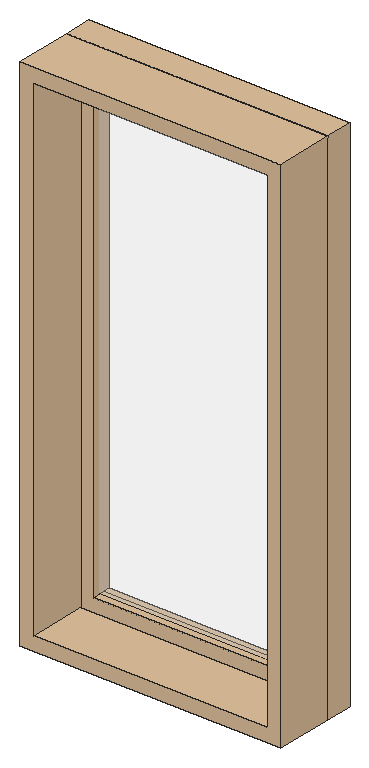
Revit family
Parameters (values of type "0610 x 1220mm")
  프레임 외부 재료 = 섀시
  프레임 내부 재료 = 섀시
  유리 창 재료 = 유리
  Height = 1220 mm
  섀시 = 섀시
  기본 씰 높이 = 915 mm
  Wall Closure = (empty or 0)
  Width = 610 mm
  창 인세트 = 19 mm
Types (10, lengths in mm): name | Height | 기본 씰 높이 | Width
  (no name) | 1220 | 915 | 610
  0406 x 0610mm | 610 | 915 | 406
  0406 x 1220mm | 1220 | 915 | 406
  0610 x 0610mm | 610 | 915 | 610
  0610 x 1220mm | 1220 | 915 | 610
  0915 x 0610mm | 610 | 915 | 915
  0915 x 1220mm | 1220 | 915 | 915
  0406 x 1830mm | 1830 | 305 | 406
  0610 x 1830mm | 1830 | 305 | 610
  0915 x 1830mm | 1830 | 305 | 915
Reference planes
  plane 1: y = 0
  plane 2 "중심": x = 0
  plane 3 "왼쪽": x = -305
  plane 4 "오른쪽": x = 305
  plane 5 "씰": z = 915
  plane 6 "헤드": z = 2135
  plane 7: x = -286
  plane 8: x = 286
  plane 9: x = -273
  plane 10: x = 273
  plane 11: z = 2116
  plane 12: z = 2103
  plane 13: z = 947
  plane 14 "마무리": y = 66
Forms (mm)
  Extrusion 1, solid, material "섀시" <- "프레임 내부 재료"
    sketch origin (0, 0, 0) x (-1, 0, 0) y (0, 0, 1)
      loop
        line (-305, 2135) -> (-305, 915) -> (305, 915) -> (305, 2135) -> (-305, 2135)
      loop
        line (-273, 2103) -> (-273, 947) -> (273, 947) -> (273, 2103) -> (-273, 2103)
    from -87 to 50
  Extrusion 2, solid, material "섀시" <- "프레임 외부 재료"
    sketch origin (0, 0, 0) x (-1, 0, 0) y (0, 0, 1)
      loop
        line (-305, 2135) -> (-305, 915) -> (305, 915) -> (305, 2135) -> (-305, 2135)
      loop
        line (-286, 2116) -> (-286, 934) -> (286, 934) -> (286, 2116) -> (-286, 2116)
    from 50 to 113
  Extrusion 3, solid, material "섀시" <- "섀시"
    sketch origin (0, 0, 0) x (-1, 0, 0) y (0, 0, 1)
      loop
        line (-286, 2116) -> (-286, 934) -> (286, 934) -> (286, 2116) -> (-286, 2116)
      loop
        line (-242, 2072) -> (-242, 978) -> (242, 978) -> (242, 2072) -> (-242, 2072)
    from 50 to 94
  Extrusion 4, solid, material "유리" <- "유리 창 재료"
    sketch origin (0, 0, 0) x (-1, 0, 0) y (0, 0, 1)
      loop
        line (-242, 2072) -> (-242, 978) -> (242, 978) -> (242, 2072) -> (-242, 2072)
    from 66 to 78
Lines and regions (mm)
  Opening 1
    outline origin (3500, -87, 0) x (1, 0, 0) y (0, 0, 1)
      loop
        line (-3195, 915) -> (-3195, 2135) -> (-3805, 2135) -> (-3805, 915) -> (-3195, 915)
  symbolic lines, style "WindowsFrameMullionProjection"
    curve 1: line (-305, 113, 0) -> (-286, 113, 0)
    curve 2: line (-305, -87, 0) -> (-273, -87, 0)
    curve 3: line (-286, 94, 0) -> (-242, 94, 0)
    curve 4: line (-286, 50, 0) -> (-242, 50, 0)
    curve 5: line (-286, 113, 0) -> (-286, 50, 0)
    curve 6: line (-242, 94, 0) -> (-242, 50, 0)
    curve 7: line (-273, 50, 0) -> (-273, -87, 0)
    curve 8: line (303.878, 113, 0) -> (286, 113, 0)
    curve 9: line (286, 113, 0) -> (286, 50, 0)
    curve 10: line (286, 94, 0) -> (242, 94, 0)
    curve 11: line (242, 94, 0) -> (242, 50, 0)
    curve 12: line (242, 50, 0) -> (286, 50, 0)
    curve 13: line (305, -87, 0) -> (273, -87, 0)
    curve 14: line (273, 50, 0) -> (273, -87, 0)
  symbolic lines, style "WindowsGlassProjection"
    curve 15: line (-242, 72, 0) -> (242, 72, 0)
Text (mm)
  text "외부" at (-1394.263, 836.427, 0), in view "바닥 선"
  text "내부" at (-1394.263, -535.979, 0), in view "바닥 선"
  text "외부" at (0, 314.263, 3273.967), in view "오른쪽"
  text "외부" at (0, 999.457, 3063.296), in view "왼쪽"
Dimensions and locks
  equal spacing: plane 3 "왼쪽", plane 2 "중심", plane 4 "오른쪽"
  "Width": plane 3 "왼쪽" to plane 4 "오른쪽"
  "Height": plane 5 "씰" to plane 6 "헤드"
  "기본 씰 높이": plane 5 "씰" to level
  "창 인세트": host wall to Extrusion 3
  locked: Extrusion 3 to Extrusion 3 at 44
  locked: Extrusion 3 to Extrusion 4 at 16
  locked: Extrusion 4 to Extrusion 4 at 12
  locked: Extrusion 1 sketch curve to Extrusion 1 sketch curve at 32  (x2)
  locked: plane 3 "왼쪽" to plane 7 at 19
  locked: plane 8 to plane 4 "오른쪽" at 19
  locked: plane 10 to plane 4 "오른쪽" at 32
  locked: plane 3 "왼쪽" to plane 9 at 32
  locked: plane 11 to plane 6 "헤드" at 19
  locked: plane 6 "헤드" to plane 12 at 32
  locked: plane 13 to plane 5 "씰" at 32
  locked: plane 14 "마무리" to host wall at 47
  aligned and locked: host wall to Extrusion 1
  aligned and locked: host wall to Extrusion 2
  aligned and locked: Extrusion 3 sketch curve to Extrusion 2  (x4)
  aligned and locked: Extrusion 3 to Extrusion 1
  aligned and locked: Extrusion 2 to Extrusion 1
  aligned and locked: Extrusion 4 sketch curve to Extrusion 3  (x4)
  aligned and locked: curve 1 to Extrusion 2  (x2)
  aligned and locked: Extrusion 1 to curve 2
  aligned and locked: curve 3 to Extrusion 3
  aligned and locked: curve 4 to Extrusion 2  (x2)
  aligned and locked: curve 5 to Extrusion 2
  aligned and locked: curve 6 to Extrusion 3
  aligned and locked: curve 7 to Extrusion 1
  aligned and locked: Extrusion 2 to curve 9
  aligned and locked: curve 10 to Extrusion 3
  aligned and locked: curve 11 to Extrusion 3
  aligned and locked: Extrusion 3 to curve 12
  aligned and locked: curve 13 to Extrusion 1  (x2)
  aligned and locked: curve 14 to Extrusion 1
  aligned and locked: Extrusion 2 to curve 8
Automatic sketch dimensions
  Extrusion 1 sketch curve to plane 5 "씰" = 32 mm
  plane 6 "헤드" to Extrusion 1 sketch curve = 32 mm
  plane 4 "오른쪽" to Extrusion 2 sketch curve = 19 mm
  Extrusion 2 sketch curve to Extrusion 2 sketch curve = 19 mm
  Extrusion 2 sketch curve to plane 5 "씰" = 19 mm
  plane 6 "헤드" to Extrusion 2 sketch curve = 19 mm
  Extrusion 3 sketch curve to Extrusion 3 sketch curve = 44 mm
  Extrusion 3 sketch curve to plane 3 "왼쪽" = 63 mm
  Extrusion 3 sketch curve to plane 5 "씰" = 63 mm
  plane 6 "헤드" to Extrusion 3 sketch curve = 63 mm
  Extrusion 1 sketch curve to plane 4 "오른쪽" = 0 mm
  Extrusion 1 sketch curve to plane 3 "왼쪽" = 0 mm
  Extrusion 1 sketch curve to plane 5 "씰" = 0 mm
  Extrusion 1 sketch curve to plane 6 "헤드" = 0 mm
  Extrusion 2 sketch curve to plane 4 "오른쪽" = 0 mm
  Extrusion 2 sketch curve to plane 3 "왼쪽" = 0 mm
  Extrusion 2 sketch curve to plane 5 "씰" = 0 mm
  Extrusion 2 sketch curve to plane 6 "헤드" = 0 mm
  plane 4 "오른쪽" to curve 8 = 1.122 mm
  curve 15 to curve 3 = 22 mm
  curve 2 to host wall = 0 mm
  Opening 1 sketch curve to plane 3 "왼쪽" = 0 mm
  Opening 1 sketch curve to plane 4 "오른쪽" = 0 mm
  Opening 1 sketch curve to plane 5 "씰" = 0 mm
  Opening 1 sketch curve to plane 6 "헤드" = 0 mm
